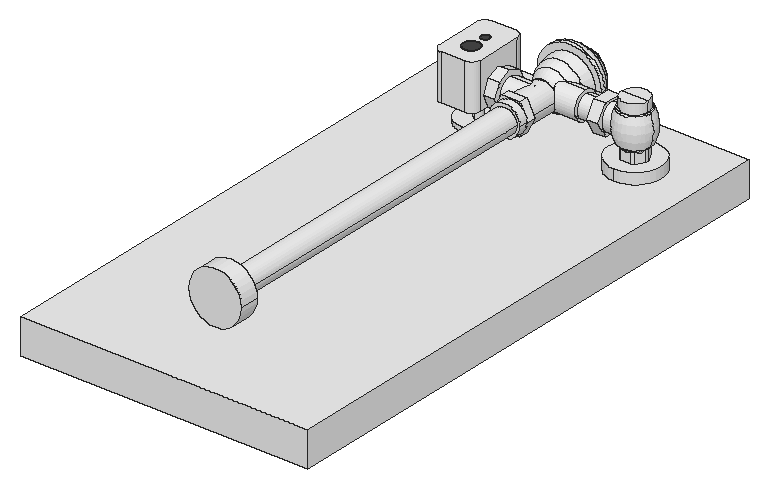
Revit family "Flush_Valve-sensor-Hardwired-Zurn-Exposed-Water_closet-ZEMS6000-IS", category Plumbing Fixtures, host Face, Revit 2022
Family settings
  Host = Face
  Round Connector Dimension = Use Radius
  Part Type = Normal
  OmniClass Number = 23.45.05.14.99
  OmniClass Title = Other Sanitary Washing Plumbing Fixtures
  Cut with Voids When Loaded = No
  Maintain Annotation Orientation = No
  Shared = No
  Room Calculation Point = No
Parameters (values of type "Load Family Type Catalog")
  Waste Connection = 1 = 0  # no
  WFU = 0  # constant formula
  Vent Connection = 1 = 0  # no
  Valve Height [instance] = 24.00"
  Type Comments = "ZEMS6000-ONE-IS (1.1 GPF, 11-1/2\" R-I)"
  Repair Parts URL = "https://files.zurn.com/care-cleaning-install-warranty-sheets/fv343.pdf"
  Product data URL = "https://www.bimobject.com/en-us/zurnindustries/product/zurn_zems6000-is"
  Product Page URL = "https://www.zurn.com/products/finish-plumbing/sensor-flush-valves/gear-driven-hardwire/zems6000-is"
  Product Installation Sheet URL = "https://files.zurn.com/care-cleaning-install-warranty-sheets/fv343.pdf"
  Product Documentation Link = "https://files.zurn.com/spec-sheets/zems6000-is_spec.pdf"
  Operating Water Pressure (PSI) = "25 – 80 PSI (172 – 552 kPa)"  # constant formula
  Modified Date = "12/17/2025"  # constant formula
  Max Working Water Temperature = 104 °F  # constant formula
  Manufacturer Brand = "Zurn"  # constant formula
  Main Material = Chrome-Plated Brass - Zurn - Polished
  Inlet Connection Size (inch) = 1.00"
  HWFU = 0  # constant formula
  HW Connection = 1 = 0  # no
  Flush Rate (GPF) = "1.1 GPF"
  Enter Value of  Centerline of Flush Valve to Wall (2.25- 4.25) [instance] = 0.00"
  URL = "https://www.zurn.com/"
  Model = "ZEMS6000-IS"  # constant formula
  Manufacturer = "Zurn Water, LLC"  # constant formula
  Description = "Aquaflush® Exposed Hardwired Automatic Sensor Flush Valve For Water Closets"  # constant formula
  Default Elevation = 48.00"
  Date Created = "12/17/2025"  # constant formula
  Centerline of Stop Valve to Centerline of Flush Valve = 4.75"  # constant formula
  Centerline of Flush Valve to Wall [instance] = if([Enter Value of  Centerline of Flush Valve to Wall (2.25- 4.25)] < 2.25", 2.25", if([Enter Value of  Centerline of Flush Valve to Wall (2.25- 4.25)] > 4.25", 4.25", [Enter Value of  Centerline of Flush Valve to Wall (2.25- 4.25)]))  # 2.25"
  CWFU = 1  # constant formula
  CW Connection = 1 = 1  # yes
  Assembly Code = "D2010.60"
  Activation Method = "Manual Operated"  # constant formula
Reference planes (in)
  plane 1 "Center (Front/Back)": y = 0
  plane 2: z = 0
  plane 3 "Center (Left/Right)": x = 0
  plane 4: y = 0
  plane 5: x = 4.75
  plane 6: z = 2.25
  plane 7: z = 2.25
  plane 8: x = 1.44
  plane 9: z = 2.25
  plane 10: y = 22.38
  plane 11: x = -1.2
  plane 12: x = -1.5
  plane 13: y = 21.63
  plane 14: y = 21.13
  plane 15: y = 20.63
  plane 16: z = -2
  plane 17: y = 24
  plane 18: z = 0.625
  plane 19: y = 18.515
  plane 20: y = 17.95
  plane 21: z = 0.25
  plane 22: y = 22.9793
Forms (in)
  Extrusion 1, solid, material "Chrome-Plated Brass - Zurn - Polished" <- "Main Material"
    sketch origin (20.08675, -5.08734, 0) x (1, 0, 0) y (0, 1, 0)
      loop
        line (-28.30267, 32.83734) -> (-28.30267, 1.43535) -> (-11.87083, 1.43535) -> (-11.87083, 32.83734) -> (-28.30267, 32.83734)
    from 0 to -2
  Revolve 2, solid, material "Chrome-Plated Brass - Zurn - Polished" <- "Main Material"
    sketch origin (3.14024, -180, 2.25) x (-1, 0, 0) y (0, -1, 0)
      loop
        line (3.14024, -200.63) -> (3.14024, -181.34) -> (2.45274, -181.34) -> (2.45274, -200.63) -> (3.14024, -200.63)
      axis (3.14024, -200.63) -> (3.14024, -181.34)
    angle from 0 to 360
  Extrusion 3, solid, material "Chrome-Plated Brass - Zurn - Polished" <- "Main Material", detail levels fine
    sketch origin (-21.97181, 22.38, 48) x (-1, 0, 0) y (0, 0, 1)
      loop
        line (-22.4168, -44.871) -> (-22.92429, -45.75) -> (-22.4168, -46.629) -> (-21.33031, -46.629) -> (-20.82733, -45.86605) -> (-21.40182, -44.871) -> (-22.4168, -44.871)
    from -0.75 to -1.25
  Extrusion 4, solid, material "Chrome-Plated Brass - Zurn - Polished" <- "Main Material", detail levels fine
    sketch origin (0, 0, 0) x (1, 0, 0) y (0, 0, 1)
      loop
        circle (0, 2.25) r 0.86693
    from -21.13 to -20.63
  Extrusion 5, solid, material "Chrome-Plated Brass - Zurn - Polished" <- "Main Material"
    sketch origin (0, 18.18451, 2.25) x (0, 1, 0) y (-1, 0, 0)
      loop
        circle (5.81549, -4.75) r 1.5
    from -1.625 to -2.25
  Extrusion 6, solid, material "Chrome-Plated Brass - Zurn - Polished" <- "Main Material"
    sketch origin (0, 18.18451, 2.25) x (0, 1, 0) y (-1, 0, 0)
      loop
        circle (5.81549, -4.75) r 0.625
    from 0 to -1.625
  Extrusion 7, solid, material "Chrome-Plated Brass - Zurn - Polished" <- "Main Material", detail levels coarse+medium
    sketch origin (0, 0, 0) x (1, 0, 0) y (0, 0, 1)
      loop
        circle (0, 2.25) r 1.08
    from -21.63 to -20.63
  Extrusion 8, solid, material "Chrome-Plated Brass - Zurn - Polished" <- "Main Material"
    sketch origin (0, 18.18451, 2.25) x (0, 1, 0) y (-1, 0, 0)
      loop
        circle (4.79479, 3.3665) r 0.25
    from -2.25 to 0.879
  Extrusion 9, solid, material "Chrome-Plated Brass - Zurn - Polished" <- "Main Material"
    sketch origin (0, 18.18451, 2.25) x (0, 1, 0) y (-1, 0, 0)
      loop
        circle (4.79479, 3.3665) r 1.2
    from -2.25 to -2
Lines and regions (in)
  Masking region 1
    outline origin (0, 0, 0) x (1, 0, 0) y (0, 0, 1)
      loop
        line (-2.14, 3.3063) -> (-2.14, 4.1) -> (-4.5305, 4.1) -> (-4.5305, 0) -> (-2.2025, 0) -> (-2.2025, 1.1937) -> (-1.5, 1.1937)
        arc (-1.5, 1.1937) -> (0.15878, 0.42228) -> (1.65968, 1.4682) r 1.8346
        line (1.65968, 1.4682) -> (2.82524, 1.4682) -> (2.82524, 1.24) -> (3.67284, 1.24) -> (3.67284, 0.625) -> (3.25, 0.625) -> (3.25, 0) -> (6.25, 0) -> (6.25, 0.625) -> (5.84, 0.625) -> (5.84, 3.7) -> (3.66, 3.7) -> (3.66, 3.26) -> (2.82524, 3.26) -> (2.82524, 3.03116) -> (1.65999, 3.03116)
        arc (1.65999, 3.03116) -> (0.15914, 4.07769) -> (-1.5, 3.3063) r 1.8346
        line (-1.5, 3.3063) -> (-2.14, 3.3063)
  symbolic lines, detail levels fine
    curve 1: arc (16.13166, 1.53838, 0) -> (16.10438, 1.57544, 0) -> (16.06088, 1.56041, 0) r 0.03882
    curve 2: arc (16.01901, -1.49785, 0) -> (16.0878, -1.52321, 0) -> (16.13166, -1.46447, 0) r 0.06127
Dimensions and locks (in)
  locked: plane 4 to plane 1 "Center (Front/Back)"
  "Centerline of Stop Valve to Centerline of Flush Valve": plane 3 "Center (Left/Right)" to plane 5
  "Centerline of Flush Valve to Wall": plane 6 to Extrusion 1
  locked: plane 7 to plane 6
  locked: plane 3 "Center (Left/Right)" to plane 8 at 1.44
  locked: nested 2 to plane 9 at 1.45
  locked: nested 3 to Revolve 2 sketch curve at 0.75
  locked: plane 11 to plane 3 "Center (Left/Right)" at 1.2
  locked: plane 12 to plane 3 "Center (Left/Right)" at 1.5
  locked: plane 14 to plane 15 at 0.5
  equal spacing: Extrusion 1 sketch curve, plane 3 "Center (Left/Right)", Extrusion 1 sketch curve
  locked: Extrusion 1 sketch curve to Extrusion 1 sketch curve at 16.43183
  locked: plane 4 to Extrusion 1 sketch curve at 3.652
  locked: level to plane 16 at 2
  "Valve Height": plane 17 to plane 4
  locked: plane 18 to level at 0.625
  plane 15 to plane 19 = 2.115"
  locked: plane 15 to plane 20 at 2.68
  locked: plane 13 to plane 14 at 0.5
  locked: plane 17 to plane 13 at 2.37
  equal spacing: Masking region 1 sketch curve, nested 3, Masking region 1 sketch curve
  locked: Masking region 1 sketch curve to Masking region 1 sketch curve at 2.1126
  equal spacing: Masking region 1 sketch curve, plane 5, Masking region 1 sketch curve  (x2)
  locked: Masking region 1 sketch curve to Masking region 1 sketch curve at 2.18
  locked: Masking region 1 sketch curve to Masking region 1 sketch curve at 3
  equal spacing: Masking region 1 sketch curve, plane 9, Masking region 1 sketch curve
  locked: Masking region 1 sketch curve to Masking region 1 sketch curve at 2.02
  locked: plane 21 to Extrusion 1 at 0.25
  locked: plane 17 to plane 22 at 1.0207
  aligned and locked: nested 1 to plane 3 "Center (Left/Right)"
  aligned and locked: nested 1 to plane 4
  aligned and locked: nested 1 to plane 7
  aligned and locked: nested 3 to plane 6
  aligned and locked: plane 7 to plane 9
  aligned and locked: Revolve 2 sketch curve to plane 3 "Center (Left/Right)"
  aligned and locked: Extrusion 3 sketch curve to nested 3  (x5)
  aligned and locked: Extrusion 3 to plane 14
  aligned and locked: nested 1 to Extrusion 4 sketch curve  (x2)
  aligned and locked: Extrusion 4 to Extrusion 3
  aligned and locked: Extrusion 4 to plane 15
  aligned and locked: plane 17 to nested 2
  aligned and locked: plane 5 to Extrusion 5 sketch curve
  aligned and locked: plane 17 to Extrusion 5 sketch curve
  aligned and locked: Extrusion 5 to Extrusion 1
  aligned and locked: plane 18 to Extrusion 5
  aligned and locked: nested 2 to Extrusion 6 sketch curve
  aligned and locked: plane 17 to Extrusion 6 sketch curve
  aligned and locked: Extrusion 6 to Extrusion 5
  aligned and locked: nested 3 to Extrusion 6
  aligned and locked: Revolve 2 sketch curve to Extrusion 4
  aligned and locked: Revolve 2 sketch curve to Revolve 2 sketch curve
  aligned and locked: nested 3 to plane 17
  aligned and locked: plane 13 to Extrusion 3
  aligned and locked: nested 1 to Extrusion 7 sketch curve  (x2)
  aligned and locked: plane 13 to Extrusion 7
  aligned and locked: Extrusion 7 to plane 15
  aligned and locked: Masking region 1 sketch curve to nested 2  (x3)
  aligned and locked: Extrusion 1 to Masking region 1 sketch curve
  aligned and locked: Masking region 1 sketch curve to Extrusion 5  (x2)
  aligned and locked: plane 3 "Center (Left/Right)" to Masking region 1 sketch curve
  aligned and locked: nested 1 to Masking region 1 sketch curve  (x3)
  aligned and locked: nested 1 to Revolve 2 sketch curve
  aligned and locked: Extrusion 8 to Extrusion 1
  aligned and locked: Extrusion 3 to Extrusion 8
  aligned and locked: Extrusion 9 to Extrusion 1
  aligned and locked: Extrusion 9 to plane 21
  aligned and locked: nested 4 to nested 3
  aligned and locked: plane 22 to nested 4
  aligned and locked: nested 4 to nested 4
  aligned and locked: nested 4 to plane 7
Automatic sketch dimensions
  plane 1 "Center (Front/Back)" to curve 2 = 1.46447"
  plane 5 to curve 2 = 11.32039"
  curve 2 to curve 1 = 0.02245"
  curve 1 to plane 1 "Center (Front/Back)" = 1.53838"
  curve 2 to curve 2 = 0.05138"
  curve 1 to curve 1 = 0.03196"
  curve 1 to curve 1 = 0.03882"
  curve 2 to curve 2 = 0.06127"
  Extrusion 3 sketch curve to plane 3 "Center (Left/Right)" = 0.6415"
  Extrusion 3 sketch curve to plane 6 = 0.11605"
  Extrusion 1 sketch curve to Extrusion 1 sketch curve = 31.402"
  Revolve 2 sketch curve to plane 15 = 0.00"
  plane 1 "Center (Front/Back)" to Revolve 2 sketch curve = 0.69"
  Extrusion 8 sketch curve to plane 17 = 1.0207"
  Extrusion 8 sketch curve to plane 12 = 1.8665"
  Extrusion 9 sketch curve to plane 17 = 1.0207"
  Extrusion 9 sketch curve to plane 12 = 1.8665"
  Masking region 1 sketch curve to level = 0.00"
  Masking region 1 sketch curve to plane 12 = 0.00"  (x2)
  Masking region 1 sketch curve to Masking region 1 sketch curve = 0.64"
  Masking region 1 sketch curve to Masking region 1 sketch curve = 0.7025"
  plane 8 to Masking region 1 sketch curve = 0.21968"
  plane 8 to Masking region 1 sketch curve = 0.21999"
  Masking region 1 sketch curve to Masking region 1 sketch curve = 0.8476"
  Masking region 1 sketch curve to Masking region 1 sketch curve = 0.7937"
  Masking region 1 sketch curve to Masking region 1 sketch curve = 2.328"
  radius of Extrusion 4 sketch curve = 0.86693"
  radius of Extrusion 5 sketch curve = 1.50"
  radius of Extrusion 6 sketch curve = 0.625"
  radius of Extrusion 7 sketch curve = 1.08"
  radius of Extrusion 8 sketch curve = 0.25"
  radius of Extrusion 9 sketch curve = 1.20"
Nested families (in)
  nested 1: "1.Part_Tube_ genric" at (0, -3.28111, 2.25) x (-1, 0, 0) z (0, 1, 0), type "1.Part_Tube_ genric"
  nested 2: "3. Stop Valve" at (4.75, 24, 2.2375) x (-1, 0, 0) z (0, 0, 1), type "Family2"
  nested 3: "Manual FV-Head" at (-0.0625, 21.6333, 2.25) x (-1, 0, 0) z (0, 1, 0), type "Manual FV-Head"
  nested 4: "-IS Actuator" at (-3.3665, 17.89319, 4.1) x (1, 0, 0) z (0, 1, 0), type "-IS Actuator"
Connectors (in)
  piping at (4.75, 24, 0), diameter 2, driven by "Inlet Connection Size (inch)", driven by "CW Connection"
    settings: on Extrusion 5, index 1, connector inside diameter 24", connector length 0.00", flow factor 0, pipe flow 0 GPM, pressure drop 0.00 psi, fitting loss kfactor 0, connector angle 0.00°, fixture units 0, engagement length 0.00", angle of deflection 0.00°, flow configuration 0, flow direction 1, fitting loss method 0, system type 20, joint type 0, gender type 0, connector reference index -1, connector utility 1, adjustable connector no, is connector primary yes, connector description "Domestic Water inlet"
Definition of nested family "1.Part_Tube_ genric"
  Parameters (values of type "1.Part_Tube_ genric")
    Default Elevation = 48.00"
  Reference planes (in)
    plane 1 "Center (Front/Back)": y = 0
    plane 2: z = 3.28111
    plane 3 "Center (Left/Right)": x = 0
    plane 4: x = -1.5
    plane 5: x = 1.5
    plane 6: z = 4.37111
    plane 7: z = 4.62111
  Forms (in)
    Extrusion 1, solid, detail levels fine
      sketch origin (0, 0, 3.28111) x (1, 0, 0) y (0, 1, 0)
        loop
          circle (0, 0) r 1.5
      from 0 to 1.09
    Extrusion 2, solid, detail levels fine
      sketch origin (0, 0, 3.28111) x (1, 0, 0) y (0, 1, 0)
        loop
          line (1.14898, -0.00001) -> (0.57452, 0.995) -> (-0.57453, 0.995) -> (-1.14898, 0.00001) -> (-0.57452, -0.995) -> (0.57453, -0.995) -> (1.14898, -0.00001)
      from 1.09 to 1.34
    Revolve 3, solid, detail levels coarse+medium
      sketch origin (0, 0, 0) x (1, 0, 0) y (0, 0, 1)
        loop
          line (-1.14898, 4.62111) -> (-1.14898, 4.37111) -> (-1.5, 4.37111) -> (-1.5, 3.28111) -> (0, 3.28111) -> (0, 4.62111) -> (-1.14898, 4.62111)
        axis (0, 4.62111) -> (0, 3.28111)
      angle from 0 to 360
  Dimensions and locks (in)
    equal spacing: plane 5, plane 3 "Center (Left/Right)", plane 4, locked at 1.5 each
    locked: plane 3 "Center (Left/Right)" to plane 4 at 1.5
    locked: plane 6 to level at 1.09
    locked: plane 7 to plane 6 at 0.25
    equal spacing: Extrusion 2 sketch curve, plane 1 "Center (Front/Back)", Extrusion 2 sketch curve
    locked: Extrusion 2 sketch curve to Extrusion 2 sketch curve at 1.99
    equal spacing: Extrusion 2 sketch curve, plane 3 "Center (Left/Right)", Extrusion 2 sketch curve  (x2)
    locked: Extrusion 2 sketch curve to Extrusion 2 sketch curve at 1.99011
    locked: Extrusion 2 sketch curve to Extrusion 2 sketch curve at 1.99009
    locked: Extrusion 2 sketch curve to Extrusion 2 sketch curve (angle 120.00°)  (x5)
    angle Extrusion 2 sketch curve to Extrusion 2 sketch curve = 120.00°
    aligned and locked: plane 2 to level
    aligned and locked: plane 3 "Center (Left/Right)" to Extrusion 1 sketch curve
    aligned and locked: plane 1 "Center (Front/Back)" to Extrusion 1 sketch curve
    aligned and locked: plane 6 to Extrusion 1
    aligned and locked: plane 7 to Extrusion 2
    aligned and locked: Extrusion 2 to Extrusion 1
    aligned and locked: Revolve 3 sketch curve to Extrusion 2
    aligned and locked: plane 6 to Revolve 3 sketch curve
    aligned and locked: Revolve 3 sketch curve to plane 4
    aligned and locked: Revolve 3 sketch curve to level
    aligned and locked: Revolve 3 sketch curve to plane 3 "Center (Left/Right)"  (x2)
    aligned and locked: Extrusion 2 to Revolve 3 sketch curve
  Automatic sketch dimensions
    Revolve 3 sketch curve to level = 0.41"
    plane 7 to Revolve 3 sketch curve = 0.50"
    radius of Extrusion 1 sketch curve = 1.50"
Definition of nested family "3. Stop Valve"
  Parameters (values of type "Family2")
    Default Elevation = 0.00"
  Reference planes (in)
    plane 1 "Center (Front/Back)": y = 0
    plane 2: z = 0
    plane 3 "Center (Left/Right)": x = 0
  Dimensions and locks (in)
    aligned and locked: plane 2 to level
  Nested families (in)
    nested 1: "Stop Valve_ plumbing Fixture_ Genric Template" at (0, 0, 0) x (-1, 0, 0) z (0, -1, 0), type "3.Part_ Stop Valve"
  Definition of nested family "Stop Valve_ plumbing Fixture_ Genric Template"
    Parameters (values of type "3.Part_ Stop Valve")
      Stop Body Finish = none
      Default Elevation = 48.00"
      Assembly Code = ""
    Reference planes (in)
      plane 1 "Center (Front/Back)": y = 0
      plane 2: z = 0
      plane 3 "Center (Left/Right)": x = 0
      plane 4: x = -3.1
      plane 5 "Middle Plane": z = 0
      plane 6: x = 0
      plane 7: x = -3.1
    Forms (in)
      Revolve 1, solid, material <- "Stop Body Finish", detail levels fine
        sketch origin (5.11008, 2.28141, 0) x (-1, 0, 0) y (0, -1, 0)
          loop
            line (4.36008, 3.18991) -> (4.25498, 3.18991)
            arc (4.25498, 3.18991) -> (4.22986, 3.18245) -> (4.21289, 3.16248) r 0.046
            arc (4.21289, 3.16248) -> (4.03022, 2.31942) -> (4.19363, 1.47241) r 2.15
            line (4.19363, 1.47241) -> (4.27508, 1.47241)
            arc (4.27508, 1.47241) -> (4.36347, 1.4358) -> (4.40008, 1.34741) r 0.125
            line (4.40008, 1.34741) -> (4.40008, 1.29134) -> (4.46008, 1.18741) -> (5.11008, 1.18741) -> (5.11008, 3.74391) -> (4.36008, 3.74391) -> (4.36008, 3.18991)
          axis (5.11008, 3.74391) -> (5.11008, 1.18741)
        angle from 0 to 360
      Revolve 2, solid, material <- "Stop Body Finish", detail levels fine
        sketch origin (5.11008, 2.29491, 0) x (-1, 0, 0) y (0, -1, 0)
          loop
            line (6.40484, 2.29491) -> (6.40484, 3.07741) -> (4.98008, 3.07741) -> (4.98008, 2.29491) -> (6.40484, 2.29491)
          axis (4.98008, 2.29491) -> (6.40484, 2.29491)
        angle from 0 to 360
      Extrusion 3, solid, material <- "Stop Body Finish", detail levels fine
        sketch origin (0, 0.96642, 0) x (1, 0, 0) y (0, 0, -1)
          loop
            line (-0.70575, -0.07761) -> (-0.42009, -0.57239)
            arc (-0.42009, -0.57239) -> (-0.355, -0.61488) -> (-0.28566, -0.65) r 0.71
            line (-0.28566, -0.65) -> (0.28566, -0.65)
            arc (0.28566, -0.65) -> (0.355, -0.61488) -> (0.42009, -0.57239) r 0.71
            line (0.42009, -0.57239) -> (0.70575, -0.07761)
            arc (0.70575, -0.07761) -> (0.71, 0) -> (0.70575, 0.07761) r 0.71
            line (0.70575, 0.07761) -> (0.42009, 0.57239)
            arc (0.42009, 0.57239) -> (0.355, 0.61488) -> (0.28566, 0.65) r 0.71
            line (0.28566, 0.65) -> (-0.28566, 0.65)
            arc (-0.28566, 0.65) -> (-0.355, 0.61488) -> (-0.42009, 0.57239) r 0.71
            line (-0.42009, 0.57239) -> (-0.70575, 0.07761)
            arc (-0.70575, 0.07761) -> (-0.71, 0) -> (-0.70575, -0.07761) r 0.71
        from 0 to 0.70508
      Extrusion 4, solid, material <- "Stop Body Finish", detail levels fine
        sketch origin (-1.29476, 0, 0) x (0, 0, -1) y (0, -1, 0)
          loop
            line (-0.50085, 0.8675) -> (-1.0017, 0) -> (-0.50085, -0.8675) -> (0.50085, -0.8675) -> (1.0017, 0) -> (0.50085, 0.8675) -> (-0.50085, 0.8675)
        from 0 to 0.63
      Extrusion 5, solid, detail levels fine
        sketch origin (-1.92476, 0, 0) x (0, 0, -1) y (0, -1, 0)
          loop
            circle (0, 0) r 0.6385
        from 0 to 1.17524
      Extrusion 6, solid, detail levels coarse+medium
        sketch origin (0, 0, 0) x (1, 0, 0) y (0, 0, 1)
          loop
            circle (0, 0) r 1.085
        from 1.4625 to -1.6715
      Revolve 7, solid, detail levels coarse+medium
        sketch origin (0, 0, 0) x (1, 0, 0) y (0, 1, 0)
          loop
            line (-3.1, 0) -> (0, 0) -> (0, 0.7825) -> (-1.29476, 0.7825) -> (-1.29476, 0.995) -> (-1.92476, 0.995) -> (-1.92476, 0.64096) -> (-3.1, 0.64096) -> (-3.1, 0)
          axis (-3.1, 0) -> (0, 0)
        angle from 0 to 360
    Cuts and joins
      joined: Revolve 1, Revolve 2, Extrusion 3, Extrusion 4
    Lines and regions (in)
      model lines, not visible
        curve 1: circle (0, -1.4625, 0) r 0.75 normal (0, -1, 0)
        curve 2: circle (0, 1.6715, 0.02784) r 0.71055 normal (0, -1, 0)
        curve 3: line (-1.29476, -0.7825, 0) -> (-0.93627, -0.7825, 0)
        curve 4: line (-0.93627, -0.7825, 0) -> (-0.89082, -0.9085, 0)
        curve 5: line (-0.75, -1.4625, 0) -> (-0.75, -0.9085, 0)
        curve 8: arc (0.86386, -0.9085, 0) -> (1.07581, -0.05543, 0) -> (0.91645, 0.809, 0) r 2.07986
        curve 9: line (0.71055, 1.6715, 0) -> (0.71055, 0.809, 0)
        curve 10: line (-0.71, 1.6715, 0) -> (-0.71, 0.809, 0)
        curve 11: line (-0.92722, 0.7825, 0) -> (-1.29476, 0.7825, 0)
      model lines, not visible, detail levels coarse+medium
        curve 6: line (0.75, -1.4625, 0) -> (0.75, -0.9085, 0)
        curve 7: line (0.75, -0.9085, 0) -> (0.86386, -0.9085, 0)
    Dimensions and locks (in)
      plane 3 "Center (Left/Right)" to plane 4 = 3.10"
      locked: plane 1 "Center (Front/Back)" to Revolve 7 sketch curve at 0.64096
      plane 1 "Center (Front/Back)" to Revolve 7 sketch curve = 0.995"
      locked: plane 5 "Middle Plane" to level
      locked: plane 6 to plane 3 "Center (Left/Right)"
      locked: plane 7 to plane 6 at 3.1
      aligned and locked: level to plane 2
      aligned and locked: plane 1 "Center (Front/Back)" to Extrusion 5 sketch curve
      aligned and locked: level to Extrusion 5 sketch curve
      aligned and locked: Extrusion 5 to plane 4
      aligned and locked: plane 3 "Center (Left/Right)" to Extrusion 6 sketch curve
      aligned and locked: level to Extrusion 6 sketch curve
      aligned and locked: Extrusion 6 to curve 2
      aligned and locked: Extrusion 6 to curve 1
      aligned and locked: Revolve 7 sketch curve to plane 3 "Center (Left/Right)"
      aligned and locked: plane 1 "Center (Front/Back)" to Revolve 7 sketch curve  (x2)
      aligned and locked: Revolve 7 sketch curve to cut or joined group of Revolve 1, Revolve 2, Extrusion 3, Extrusion 4  (x2)
      aligned and locked: Revolve 7 sketch curve to curve 11
      aligned and locked: plane 4 to Revolve 7 sketch curve
Definition of nested family "Manual FV-Head"
  Parameters (values of type "Manual FV-Head")
    Repair Parts URL = ""
    Product data URL = ""
    Product Weight (lbs) = 0
    Product Page URL = ""
    Product Installation Sheet URL = ""
    Product Documentation Link = ""
    Operating Water Pressure (PSI) = ""
    Modified Date = ""
    Max Working Water Temperature = -459.67 °F
    Manufacturer Brand = ""
    Main Material = none
    Inlet Connection Size (inch) = 0.00"
    Flush Rate (GPF) = ""
    Flow Rate (GPM) = 0 GPM
    Default Elevation = 48.00"
    Date Created = ""
    Aerator Flow Rate (GPM) = 0.0 gal
    Activation Method = ""
  Reference planes (in)
    plane 1 "Center (Front/Back)": y = 0
    plane 2: z = 0
    plane 3 "Center (Left/Right)": x = 0
    plane 4: z = 3.703
    plane 5: z = 4.843
    plane 6: x = 1.8325
    plane 7: x = 1.25
    plane 8: z = 4.07
    plane 9: z = 4.843
    plane 10: z = 5.113
    plane 11: x = -1.452
    plane 12: x = -0.8395
    plane 13: z = 2.69
    plane 14: z = 1.346
    plane 15: z = 1.261
    plane 16: x = 1.45
    plane 17: x = 2.14
    plane 18: x = 2.74
    plane 19: x = 5.75
    plane 20: z = 2.3667
    plane 21: x = -2
  Forms (in)
    Revolve 1, solid, material <- "Main Material", detail levels fine
      sketch origin (0, 0, 0) x (1, 0, 0) y (0, 0, 1)
        loop
          line (0, 3.703) -> (1.8325, 3.703) -> (1.8325, 3.9027)
          arc (1.8325, 3.9027) -> (1.80666, 4.06135) -> (1.73182, 4.20361) r 0.5
          line (1.73182, 4.20361) -> (1.40003, 4.64391)
          arc (1.40003, 4.64391) -> (1.22381, 4.79047) -> (1.00071, 4.843) r 0.5
          line (1.00071, 4.843) -> (0, 4.843) -> (0, 3.703)
        axis (0, 4.843) -> (0, 3.703)
      angle from 0 to 360
    Extrusion 2, solid, material <- "Main Material", detail levels fine
      sketch origin (0, 0, 0) x (1, 0, 0) y (0, 1, 0)
        loop
          line (-0.50749, 0.879) -> (-1.01498, 0) -> (-0.50749, -0.879) -> (0.50749, -0.879) -> (1.01498, 0) -> (0.50749, 0.879) -> (-0.50749, 0.879)
      from 4.843 to 5.113
    Revolve 3, solid, material <- "Main Material", detail levels fine
      sketch origin (0, 0, 0) x (1, 0, 0) y (0, 0, 1)
        loop
          line (0, 1.8) -> (0, 3.703) -> (-1.452, 3.703) -> (-1.33315, 2.99744)
          arc (-1.33315, 2.99744) -> (-1.25374, 2.71616) -> (-1.11572, 2.45853) r 1.35193
          arc (-1.11572, 2.45853) -> (-0.91135, 2.15706) -> (-0.8395, 1.8) r 0.92309
          line (-0.8395, 1.8) -> (0, 1.8)
        axis (0, 3.703) -> (0, 1.8)
      angle from 0 to 360
    Extrusion 4, solid, material <- "Main Material"
      sketch origin (0, 0, 0) x (0, 1, 0) y (0, 0, 1)
        loop
          circle (0, 1.261) r 0.764
      from 0 to 1.45
    Extrusion 5, solid, material <- "Main Material"
      sketch origin (0, 0, 0) x (0, 1, 0) y (0, 0, 1)
        loop
          circle (0, 1.261) r 0.639
      from 2.14 to 2.74
    Extrusion 6, solid, material <- "Main Material", detail levels coarse+medium
      sketch origin (0, 0, 0) x (0, 1, 0) y (0, 0, 1)
        loop
          circle (0, 1.261) r 1.0563
      from 2.14 to 1.45
    Revolve 7, solid, material <- "Main Material", detail levels coarse+medium
      sketch origin (0, 0, 0) x (1, 0, 0) y (0, 0, 1)
        loop
          line (0, 1.8) -> (0.8395, 1.8)
          arc (0.8395, 1.8) -> (1.2915, 2.70924) -> (1.5, 3.703) r 4
          line (1.5, 3.703) -> (1.8484, 3.703) -> (1.8484, 4.843) -> (1.01498, 4.843) -> (1.01498, 5.113) -> (0, 5.113) -> (0, 1.8)
        axis (0, 5.113) -> (0, 1.8)
      angle from 0 to 360
    Extrusion 8, solid, material <- "Main Material"
      sketch origin (0, 0, 0) x (1, 0, 0) y (0, 1, 0)
        loop
          circle (0, 0) r 0.8143
      from 0 to 1.8
    Extrusion 9, solid, material <- "Main Material", detail levels fine
      sketch origin (0, 0, 0) x (0, 1, 0) y (0, 0, 1)
        loop
          line (0, 2.311) -> (-0.74246, 2.00346) -> (-1.05, 1.261) -> (-0.74246, 0.51854) -> (0, 0.211) -> (0.74246, 0.51854) -> (1.05, 1.261) -> (0.74246, 2.00346) -> (0, 2.311)
      from 1.45 to 2.14
    Extrusion 10, solid, material <- "Main Material"
      sketch origin (0, 0, 0) x (0, 1, 0) y (0, 0, 1)
        loop
          circle (0, 2.3667) r 0.7813
      from -2 to 0
  Dimensions and locks (in)
    locked: level to plane 4 at 3.703
    locked: plane 4 to plane 5 at 1.14
    locked: plane 4 to plane 8 at 0.367
    equal spacing: Extrusion 2 sketch curve, plane 3 "Center (Left/Right)", Extrusion 2 sketch curve, locked at 1.01498 each
    equal spacing: Extrusion 2 sketch curve, plane 3 "Center (Left/Right)", Extrusion 2 sketch curve, locked at 0.879 each  (x2)
    locked: plane 9 to plane 4 at 1.14
    locked: plane 10 to plane 9 at 0.27
    locked: plane 3 "Center (Left/Right)" to plane 11 at 1.452
    locked: plane 3 "Center (Left/Right)" to plane 12 at 0.8395
    locked: plane 13 to level at 2.69
    locked: Revolve 3 sketch curve to plane 13 at 0.532
    locked: plane 13 to Revolve 3 sketch curve at 0.89
    equal spacing: plane 3 "Center (Left/Right)", Revolve 3 sketch curve, Revolve 3 sketch curve
    locked: plane 14 to level at 1.346
    locked: plane 15 to level at 1.261
    equal spacing: Extrusion 2 sketch curve, plane 1 "Center (Front/Back)", Extrusion 2 sketch curve, locked at 0.879 each
    locked: Revolve 7 sketch curve to plane 3 "Center (Left/Right)" at 1.8484
    locked: Revolve 7 sketch curve to Revolve 7 sketch curve at 2.48735
    locked: Revolve 7 sketch curve to plane 4 at 0.31782
    equal spacing: Extrusion 9 sketch curve, plane 15, Extrusion 9 sketch curve  (x4)
    locked: Extrusion 9 sketch curve to Extrusion 9 sketch curve at 1.94015  (x4)
    locked: plane 16 to plane 3 "Center (Left/Right)" at 1.45
    locked: plane 17 to plane 16 at 0.69
    locked: plane 18 to plane 3 "Center (Left/Right)" at 2.74
    locked: plane 19 to plane 3 "Center (Left/Right)" at 5.75
    locked: plane 20 to level at 2.3667
    locked: plane 3 "Center (Left/Right)" to plane 21 at 2
    radius of Extrusion 8 sketch curve = 0.8143"
    locked: Extrusion 2 sketch curve to Extrusion 2 sketch curve (angle 120.00°)  (x4)
    angle Extrusion 2 sketch curve to Extrusion 2 sketch curve = 120.00°
    locked: Extrusion 9 sketch curve to Extrusion 9 sketch curve (angle 135.00°)  (x7)
    angle Extrusion 9 sketch curve to Extrusion 9 sketch curve = 135.00°
    aligned and locked: plane 2 to level
    aligned and locked: Revolve 1 sketch curve to plane 3 "Center (Left/Right)"  (x2)
    aligned and locked: plane 5 to Revolve 1 sketch curve
    aligned and locked: Extrusion 2 to plane 9
    aligned and locked: plane 10 to Extrusion 2
    aligned and locked: plane 11 to Revolve 3 sketch curve
    aligned and locked: plane 12 to Revolve 3 sketch curve
    aligned and locked: Revolve 3 sketch curve to Revolve 3 sketch curve
    aligned and locked: plane 3 "Center (Left/Right)" to Revolve 3 sketch curve
    aligned and locked: plane 4 to Revolve 3 sketch curve
    aligned and locked: Revolve 3 sketch curve to plane 3 "Center (Left/Right)"
    aligned and locked: plane 15 to Extrusion 4 sketch curve
    aligned and locked: plane 1 "Center (Front/Back)" to Extrusion 4 sketch curve
    aligned and locked: plane 1 "Center (Front/Back)" to Extrusion 5 sketch curve
    aligned and locked: plane 15 to Extrusion 5 sketch curve
    aligned and locked: plane 1 "Center (Front/Back)" to Extrusion 6 sketch curve
    aligned and locked: plane 15 to Extrusion 6 sketch curve
    aligned and locked: Revolve 7 sketch curve to Extrusion 2
    aligned and locked: plane 10 to Revolve 7 sketch curve
    aligned and locked: Revolve 7 sketch curve to plane 3 "Center (Left/Right)"  (x2)
    aligned and locked: Revolve 7 sketch curve to plane 4
    aligned and locked: plane 9 to Revolve 7 sketch curve
    aligned and locked: Revolve 3 to Revolve 7 sketch curve
    aligned and locked: plane 3 "Center (Left/Right)" to Extrusion 8 sketch curve
    aligned and locked: plane 1 "Center (Front/Back)" to Extrusion 8 sketch curve
    aligned and locked: Extrusion 8 to Revolve 3
    aligned and locked: Extrusion 8 to level
    aligned and locked: plane 16 to Extrusion 4
    aligned and locked: Extrusion 4 to plane 3 "Center (Left/Right)"
    aligned and locked: plane 17 to Extrusion 9
    aligned and locked: Extrusion 9 to Extrusion 4
    aligned and locked: plane 18 to Extrusion 5
    aligned and locked: Extrusion 5 to Extrusion 9
    aligned and locked: Extrusion 6 to Extrusion 9
    aligned and locked: plane 1 "Center (Front/Back)" to Extrusion 10 sketch curve
    aligned and locked: plane 20 to Extrusion 10 sketch curve
    aligned and locked: plane 3 "Center (Left/Right)" to Extrusion 10
    aligned and locked: Extrusion 10 to plane 21
  Automatic sketch dimensions
    plane 1 "Center (Front/Back)" to Extrusion 2 sketch curve = 0.00"
    Extrusion 2 sketch curve to plane 3 "Center (Left/Right)" = 0.50749"
    plane 6 to Revolve 1 sketch curve = 0.00"
    Revolve 1 sketch curve to plane 4 = 0.00"
    plane 7 to Revolve 1 sketch curve = 0.24929"
    Revolve 1 sketch curve to plane 7 = 0.0825"
    Revolve 1 sketch curve to plane 7 = 0.15003"
    plane 6 to Revolve 1 sketch curve = 0.10068"
    Revolve 1 sketch curve to plane 4 = 0.5634"
    Revolve 1 sketch curve to Revolve 1 sketch curve = 0.2966"
    Revolve 3 sketch curve to plane 3 "Center (Left/Right)" = 0.00"
    Revolve 3 sketch curve to plane 11 = 0.31059"
    plane 11 to Revolve 3 sketch curve = 0.11885"
    Revolve 3 sketch curve to Revolve 3 sketch curve = 0.16645"
    Revolve 3 sketch curve to Revolve 3 sketch curve = 0.21859"
    Extrusion 2 sketch curve to Extrusion 2 sketch curve = 0.50749"
    Revolve 7 sketch curve to Revolve 7 sketch curve = 0.3484"
    plane 14 to Revolve 7 sketch curve = 0.15706"
    Revolve 7 sketch curve to Revolve 7 sketch curve = 0.39006"
    Extrusion 9 sketch curve to plane 15 = 0.00"
    radius of Extrusion 4 sketch curve = 0.764"
    radius of Extrusion 5 sketch curve = 0.639"
    radius of Extrusion 6 sketch curve = 1.0563"
    radius of Extrusion 10 sketch curve = 0.7813"
Definition of nested family "-IS Actuator"
  Parameters (values of type "-IS Actuator")
    Main Material = none
    Default Elevation = 48.00"
  Reference planes (in)
    plane 1 "Center (Front/Back)": y = 0
    plane 2: z = 3.28111
    plane 3 "Center (Left/Right)": x = 0
    plane 4: z = 6.89111
    plane 5: y = 2.6
    plane 6: x = -1.164
    plane 7: x = 1.164
    plane 8: z = 5.08611
    plane 9: z = 5.56311
    plane 10: z = 4.56311
    plane 11: y = 0.25
    plane 12: y = 1.85
  Forms (in)
    Extrusion 1, void
      sketch origin (0, 0, 0) x (1, 0, 0) y (0, 0, 1)
        loop
          circle (0, 5.56311) r 0.235
        loop
          circle (0, 4.56311) r 0.4575
      from -0.25 to 0
    Extrusion 2, solid
      sketch origin (0, 0, 0) x (1, 0, 0) y (0, 0, 1)
        loop
          circle (0, 5.56311) r 0.235
        loop
          circle (0, 4.56311) r 0.4575
      from -0.25 to 0
    Extrusion 3, solid, material <- "Main Material", detail levels fine
      sketch origin (0, 0, 0) x (1, 0, 0) y (0, 0, 1)
        loop
          arc (-0.664, 6.89111) -> (-1.01755, 6.74466) -> (-1.164, 6.39111) r 0.5
          line (-1.164, 6.39111) -> (-1.164, 3.78111)
          arc (-1.164, 3.78111) -> (-1.01755, 3.42755) -> (-0.664, 3.28111) r 0.5
          line (-0.664, 3.28111) -> (0.664, 3.28111)
          arc (0.664, 3.28111) -> (1.01755, 3.42755) -> (1.164, 3.78111) r 0.5
          line (1.164, 3.78111) -> (1.164, 6.39111)
          arc (1.164, 6.39111) -> (1.01755, 6.74466) -> (0.664, 6.89111) r 0.5
          line (0.664, 6.89111) -> (-0.664, 6.89111)
      from -2.6 to 0
    Extrusion 4, solid, material <- "Main Material", detail levels coarse+medium
      sketch origin (0, 0, 0) x (1, 0, 0) y (0, 0, 1)
        loop
          line (-1.164, 6.89111) -> (-1.164, 3.28111) -> (1.164, 3.28111) -> (1.164, 6.89111) -> (-1.164, 6.89111)
      from -2.6 to 0
    Extrusion 5, void
      sketch origin (0, 0, 0) x (1, 0, 0) y (0, 0, 1)
        loop
          circle (0, 5.56311) r 0.235
        loop
          circle (0, 4.56311) r 0.4575
      from -0.25 to 0
  Cuts and joins
    Extrusion 1 cuts Extrusion 3
    Extrusion 5 cuts Extrusion 4
  Dimensions and locks (in)
    equal spacing: plane 6, plane 3 "Center (Left/Right)", plane 7
    locked: plane 6 to plane 3 "Center (Left/Right)" at 1.164
    locked: plane 1 "Center (Front/Back)" to plane 5 at 2.6
    locked: plane 4 to level at 3.61
    equal spacing: plane 4, plane 8, level
    locked: plane 8 to plane 10 at 0.523
    locked: plane 9 to plane 10 at 1
    locked: plane 1 "Center (Front/Back)" to plane 11 at 0.25
    locked: plane 5 to plane 12 at 0.75
    aligned and locked: plane 2 to level
    aligned and locked: plane 3 "Center (Left/Right)" to Extrusion 1 sketch curve
    aligned and locked: plane 9 to Extrusion 1 sketch curve
    aligned and locked: plane 11 to Extrusion 1
    aligned and locked: plane 1 "Center (Front/Back)" to Extrusion 1
    aligned and locked: plane 11 to Extrusion 2
    aligned and locked: plane 1 "Center (Front/Back)" to Extrusion 2
    aligned and locked: Extrusion 3 sketch curve to plane 4
    aligned and locked: plane 6 to Extrusion 3 sketch curve
    aligned and locked: level to Extrusion 3 sketch curve
    aligned and locked: Extrusion 3 sketch curve to plane 7
    aligned and locked: plane 5 to Extrusion 3
    aligned and locked: plane 1 "Center (Front/Back)" to Extrusion 3
    aligned and locked: Extrusion 4 sketch curve to plane 4
    aligned and locked: plane 6 to Extrusion 4 sketch curve
    aligned and locked: level to Extrusion 4 sketch curve
    aligned and locked: Extrusion 4 sketch curve to plane 7
    aligned and locked: plane 5 to Extrusion 4
    aligned and locked: plane 1 "Center (Front/Back)" to Extrusion 4
    aligned and locked: Extrusion 5 sketch curve to cut or joined group of Extrusion 1, Extrusion 3  (x4)
    aligned and locked: plane 11 to Extrusion 5
    aligned and locked: plane 1 "Center (Front/Back)" to Extrusion 5
  Automatic sketch dimensions
    Extrusion 1 sketch curve to plane 3 "Center (Left/Right)" = 0.00"
    Extrusion 1 sketch curve to plane 10 = 0.00"
    Extrusion 2 sketch curve to plane 9 = 0.00"  (x2)
    Extrusion 2 sketch curve to plane 10 = 0.00"  (x2)
    Extrusion 3 sketch curve to plane 4 = 0.00"
    plane 6 to Extrusion 3 sketch curve = 0.50"
    Extrusion 3 sketch curve to plane 4 = 0.50"
    Extrusion 3 sketch curve to plane 7 = 0.50"  (x2)
    Extrusion 5 sketch curve to plane 10 = 0.00"  (x2)
    radius of Extrusion 1 sketch curve = 0.235"
    radius of Extrusion 1 sketch curve = 0.4575"
Types in the file's own list only (16): name | Type Comments | Inlet Connection Size (inch) | Flush Rate (GPF) | Default Elevation | Centerline of Stop Valve to Centerline of Flush Valve
  ZEMS6000-ONE-IS (1.1 GPF, 11-1/2") | "ZEMS6000-ONE-IS (1.1 GPF, 11-1/2\" R-I)" | 1.00 " | "1.1 GPF" | 48.00 " | 4.75 "
  ZEMS6000-HET-IS (1.28 GPF, 11-1/2") | "ZEMS6000-HET-IS (1.28 GPF, 11-1/2\" R-I)" | 1.00 " | "1.28 GPF" | 48.00 " | 4.75 "
  ZEMS6000-WS1-IS (1.6 GPF, 11-1/2") | "ZEMS6000-WS1-IS (1.6 GPF, 11-1/2\" R-I)" | 1.00 " | "1.6 GPF" | 48.00 " | 4.75 "
  ZEMS6000-IS (3.5 GPF, 11-1/2") | "ZEMS6000-IS (3.5 GPF, 11-1/2\" R-I)" | 1.00 " | "3.5 GPF" | 48.00 " | 4.75 "
  ZEMS6000-1-ONE-IS (1.1 GPF, 16") | "ZEMS6000-1-ONE-IS (1.1 GPF, 16\" R-I)" | 1.00 " | "1.1 GPF" | 48.00 " | 4.75 "
  ZEMS6000-1-HET-IS (1.28 GPF, 16") | "ZEMS6000-1-HET-IS (1.28 GPF, 16\" R-I)" | 1.00 " | "1.28 GPF" | 48.00 " | 4.75 "
  ZEMS6000-1-WS1-IS (1.6 GPF, 16") | "ZEMS6000-1-WS1-IS (1.6 GPF, 16\" R-I)" | 1.00 " | "1.6 GPF" | 48.00 " | 4.75 "
  ZEMS6000-1-IS (3.5 GPF, 16") | "ZEMS6000-1-IS (3.5 GPF, 16\" R-I)" | 1.00 " | "3.5 GPF" | 48.00 " | 4.75 "
  ZEMS6000-2-ONE-IS (1.1 GPF, 24") | "ZEMS6000-2-ONE-IS (1.1 GPF, 24\" R-I)" | 1.00 " | "1.1 GPF" | 48.00 " | 4.75 "
  ZEMS6000-2-HET-IS (1.28 GPF, 24") | "ZEMS6000-2-HET-IS (1.28 GPF, 24\" R-I)" | 1.00 " | "1.28 GPF" | 48.00 " | 4.75 "
  ZEMS6000-2-WS1-IS (1.6 GPF, 24") | "ZEMS6000-2-WS1-IS (1.6 GPF, 24\" R-I)" | 1.00 " | "1.6 GPF" | 48.00 " | 4.75 "
  ZEMS6000-3-ONE-IS (1.1 GPF, 27") | "ZEMS6000-3-ONE-IS (1.1 GPF, 27\" R-I)" | 1.00 " | "1.1 GPF" | 48.00 " | 4.75 "
  ZEMS6000-3-HET-IS (1.28 GPF, 27") | "ZEMS6000-3-HET-IS (1.28 GPF, 27\" R-I)" | 1.00 " | "1.28 GPF" | 48.00 " | 4.75 "
  ZEMS6000-3-WS1-IS (1.6 GPF, 27") | "ZEMS6000-3-WS1-IS (1.6 GPF, 27\" R-I)" | 1.00 " | "1.6 GPF" | 48.00 " | 4.75 "
  ZEMS6000-2-IS (3.5 GPF, 24") | "ZEMS6000-2-IS (3.5 GPF, 24\" R-I)" | 1.00 " | "3.5 GPF" | 48.00 " | 4.75 "
  ZEMS6000-3-IS (3.5 GPF, 27") | "ZEMS6000-3-IS (3.5 GPF, 27\" R-I)" | 1.00 " | "3.5 GPF" | 48.00 " | 4.75 "
